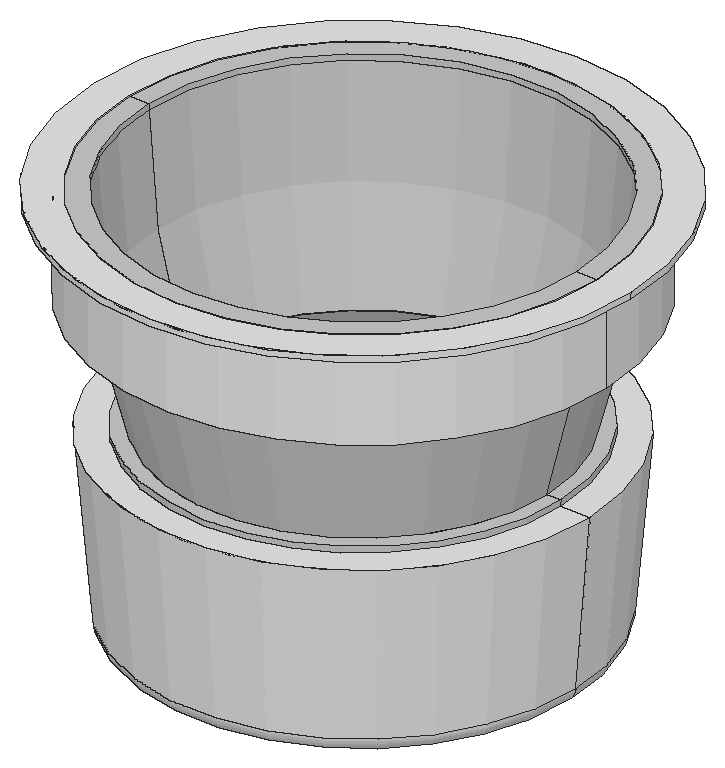
Revit family "2059365 Lighting Fixture_Sylvania_Ascent 150 II Round_Ceiling Recessed", category Lighting Fixtures, host Face, Revit 2017
Family settings
  Host = Face
  Round Connector Dimension = Use Diameter
  Part Type = Normal
  OmniClass Number = 23.80.70.11.17
  OmniClass Title = Specialized Lighting by Location or Use
  Cut with Voids When Loaded = No
  Light Source = Yes
  Shared = No
  Room Calculation Point = No
Parameters (values of type "ASCENT 150 II 3200 3K DALI")
  Upper Body Radius = Radius - 14.5 mm  # 80.0 mm
  Upper Body Material = Metal_Sylvania_Ascent 150 II_Black
  Ring Outer Diameter = Diameter - 17.0 mm  # 172.0 mm
  Ring Inner Diameter = Ring Outer Diameter - 4.0 mm  # 168.0 mm
  Reflector Material = Metal_Sylvania_Ascent 150 II_Polished
  Recessed Depth = 142.0 mm
  Radius = Diameter / 2  # 94.5 mm
  Light Emit  Diameter = Diameter - 38.0 mm  # 151.0 mm
  LOR = "100%"  # constant formula
  Inrush Current (max. quantity per 16A C breaker) = "80"  # constant formula
  Inner Reflector Radius = Inner Radius - 19.5 mm  # 63.0 mm
  Inner Radius = Inner Diameter / 2  # 82.5 mm
  Inner Diameter = Diameter - 24.0 mm  # 165.0 mm
  IP Rating = "IP44"  # constant formula
  IK Rating = "IK02"  # constant formula
  Glow Wire Test = 650 °C  # constant formula
  Energy Class = "A++,A+,A"  # constant formula
  Weight = 1.7 kg
  Wattage = 26.4228 W
  built-in parameter 1150110 = 1 (stored number, unit not read)
  Voltage Comments = "UNV (Universal Voltage; 220-240 Volt)"  # constant formula
  Voltage = 230 V  # constant formula
  URL = "https://www.sylvania-lighting.com"
  built-in parameter 1114217 = 1 (stored number, unit not read)
  Tilt Angle = -90°
  built-in parameter 1150109 = 1 (stored number, unit not read)
  built-in parameter 1150134 = (empty or 0)
  built-in parameter 1150113 = 1 (stored number, unit not read)
  Product Page URL = "https://www.sylvania-lighting.com/product/en-int/products/2059365"
  Product Family = "ASCENT 150 II ROUND"  # constant formula
  Photometry Comments = ""
  Photometric Web File = "2059365_ASCENT150II32003KDALI-206460.ies"
  Life = "50 000 h"  # constant formula
  Emit from Circle Diameter = Light Emit  Diameter  # 151.0 mm
  Emit Shape Visible in Rendering = no
  Emergency duration (h) = "N/A"
  Electrical Protection = "Class II"  # constant formula
  Drive Current = "1000mA"  # constant formula
  Distribution type = "Direct"  # constant formula
  Diffuser Material = Glass_Sylvania_Ascent 150 II_Clear_3000K
  Diameter = 189.0 mm
  Cutout Diameter = Diameter - 13.0 mm  # 176.0 mm
  Colour consistency (SDCM) = "3 step"  # constant formula
  built-in parameter 1114216 [instance] = 1 (stored number, unit not read)
  Model = "ASCENT 150 II 3200 3K DALI"
  Manufacturer = "Feilo Sylvania"
  built-in parameter 1150105 = 1988.9 (stored number, unit not read)
  Lumens = 3250 lm
  built-in parameter 1150115 = 1 (stored number, unit not read)
  built-in parameter 1150137 = (empty or 0)
  built-in parameter 1150139 = (empty or 0)
  built-in parameter 1150112 = 1 (stored number, unit not read)
  built-in parameter 1150114 = 1 (stored number, unit not read)
  Lamp Comments = "Integrated LED"  # constant formula
  Lamp = "LED"  # constant formula
  built-in parameter 1150132 = 2
  built-in parameter 1150102 = (empty or 0)
  built-in parameter 1150107 = 3000 (stored number, unit not read)
  built-in parameter 1150138 = (empty or 0)
  built-in parameter 1150106 = 19.889 (stored number, unit not read)
  built-in parameter 1150104 = 11.427 (stored number, unit not read)
  Dimming Lamp Color Temperature Shift = <None>
  Description = "A very high efficient round downlight up to 127lm/W Long life >50,000hrs 4,000K and 3,000K CCT and CRI Ra85 IP44 rated for wet areas and bathrooms UGR <19 version for offices to comply with EN12464-1 Wide selection of decorative accessories"  # constant formula
  Default Elevation = 0.0 mm
  Color Filter = 16777215
  Catalog Number = "2059365 ASCENT 150 II 3200 3K DALI"
  built-in parameter 1140040 [instance] = 1
  CRI (Ra) = ">80"  # constant formula
  built-in parameter 1114218 = 1 (stored number, unit not read)
  built-in parameter 1150133 = 10 (stored number, unit not read)
  Assembly Code = "D5020200"
  Apparent Load Comments = ""
  Apparent Load = 28 VA
  Accessory Material = Aluminum_Sylvania_Ascent 150 II_White
Reference planes
  plane 1 "Center (Front/Back)": y = 0
  plane 2: z = 0
  plane 3 "Center (Left/Right)": x = 0
  plane 4: z = 2
  plane 5: z = -74
  plane 6 "Fixture Top": z = -140
  plane 7: z = -31
  plane 8: z = -72
  plane 9: z = -62.037
Forms (mm)
  Extrusion 1, solid, material "Aluminum_Sylvania_Ascent 150 II_White" <- "Accessory Material", detail levels fine
    sketch origin (0, 0, 0) x (1, 0, 0) y (0, 1, 0)
      loop
        circle (0, 0) r 94.5
      loop
        circle (0, 0) r 82.5
    from 0 to 2
  Extrusion 2, void
    sketch origin (0, 0, 0) x (1, 0, 0) y (0, 1, 0)
      loop
        circle (0, 0) r 88
    from -140 to 2
  Revolve 3, solid, material "Metal_Sylvania_Ascent 150 II_Polished" <- "Reflector Material", detail levels fine
    sketch origin (0, 0, 0) x (1, 0, 0) y (0, 0, 1)
      loop
        line (-82.5, 0) -> (-77.5, 0)
        arc (-77.5, 0) -> (-74.352, -36.539) -> (-65, -72) r 213.61
        line (-65, -72) -> (-70, -72) -> (-70, -74) -> (0, -74) -> (0, -72) -> (-63, -72)
        arc (-63, -72) -> (-72.352, -36.539) -> (-75.5, 0) r 213.61
        line (-75.5, 0) -> (-75.5, 2) -> (-82.5, 2) -> (-82.5, 0)
      axis (0, 2) -> (0, -74)
    angle from 0 to 360
  Extrusion 4, solid, material "Aluminum_Sylvania_Ascent 150 II_White" <- "Accessory Material", detail levels fine
    sketch origin (0, 0, 0) x (1, 0, 0) y (0, 1, 0)
      loop
        circle (0, 0) r 86
      loop
        circle (0, 0) r 84
    from -31 to 0
  Revolve 5, solid, material "Glass_Sylvania_Ascent 150 II_Clear_3000K" <- "Diffuser Material", detail levels fine
    sketch origin (0, 0, 0) x (1, 0, 0) y (0, 0, 1)
      loop
        line (-63, -72) -> (0, -72) -> (0, -62.037)
        arc (0, -62.037) -> (-31.891, -64.543) -> (-63, -72) r 204.163
      axis (0, -62.037) -> (0, -72)
    angle from 0 to 360
  Revolve 6, solid, material "Metal_Sylvania_Ascent 150 II_Black" <- "Upper Body Material", detail levels fine
    sketch origin (0, 0, 0) x (1, 0, 0) y (0, 0, 1)
      loop
        line (0, -74) -> (-80, -74) -> (-75.107, -129.929)
        arc (-75.107, -129.929) -> (-73.452, -133.536) -> (-69.924, -135.353) r 6.079
        arc (-69.924, -135.353) -> (-35.039, -138.837) -> (0, -140) r 528.435
        line (0, -140) -> (0, -74)
      axis (0, -74) -> (0, -140)
    angle from 0 to 360
  Revolve 7, solid, material "Aluminum_Sylvania_Ascent 150 II_White" <- "Accessory Material", detail levels coarse+medium
    sketch origin (0, 0, 0) x (1, 0, 0) y (0, 0, 1)
      loop
        arc (-69.924, -135.353) -> (-35.039, -138.837) -> (0, -140) r 528.435
        line (0, -140) -> (0, 2) -> (-94.5, 2) -> (-94.5, 0) -> (-86, 0) -> (-86, -31)
        arc (-86, -31) -> (-84.493, -52.708) -> (-80, -74) r 157.083
        line (-80, -74) -> (-75.107, -129.929)
        arc (-75.107, -129.929) -> (-73.452, -133.536) -> (-69.924, -135.353) r 6.079
      axis (0, 2) -> (0, -140)
    angle from 0 to 360
Cuts and joins
  joined: Extrusion 1, Extrusion 4
Lines and regions (mm)
  Masking region 1
    outline origin (0, 0, 0) x (1, 0, 0) y (0, 1, 0)
      loop
        circle (0, 0) r 94.5
  symbolic lines, detail levels fine
    curve 1: arc (-75.5, 0, 0) -> (0, 75.5, 0) -> (75.5, 0, 0) r 75.5
    curve 2: arc (75.5, 0, 0) -> (0, -75.5, 0) -> (-75.5, 0, 0) r 75.5
Dimensions and locks
  plane 4 to plane 2 to plane 7 to plane 9 to plane 8 to plane 5 = 2.0 mm locked, 31.0 mm locked, 31.037 mm locked, 9.963 mm locked, 2.0 mm locked
  "Inner Radius": plane 3 "Center (Left/Right)" to Revolve 3 sketch curve
  locked: Revolve 3 sketch curve to Revolve 3 sketch curve at 7
  Revolve 3 sketch curve to Revolve 3 sketch curve to Revolve 3 sketch curve to Revolve 3 sketch curve = 2.0 mm locked, 5.0 mm locked, 12.5 mm locked
  "Inner Reflector Radius": Revolve 5 sketch curve to imposter light
  Revolve 6 sketch curve to Revolve 6 sketch curve to plane 6 "Fixture Top" = 5.424 mm locked, 4.647 mm locked
  "Recessed Depth": plane 4 to plane 6 "Fixture Top"
  "Upper Body Radius": plane 3 "Center (Left/Right)" to Revolve 6 sketch curve
  Revolve 6 sketch curve to Revolve 6 sketch curve to Revolve 6 sketch curve = 4.893 mm locked, 5.183 mm locked
  Revolve 7 sketch curve to Revolve 7 sketch curve to plane 6 "Fixture Top" = 5.424 mm locked, 4.647 mm locked
  Revolve 7 sketch curve to Revolve 7 sketch curve to Revolve 7 sketch curve to Revolve 7 sketch curve to Revolve 7 sketch curve = 8.5 mm locked, 6.0 mm locked, 4.893 mm locked, 5.183 mm locked
  "Radius": plane 3 "Center (Left/Right)" to Revolve 7 sketch curve
  "Diameter": diameter of Extrusion 1 sketch curve
  "Inner Diameter": diameter of Extrusion 1 sketch curve
  "Cutout Diameter": diameter of Extrusion 2 sketch curve
  "Ring Outer Diameter": diameter of Extrusion 4 sketch curve
  "Ring Inner Diameter": diameter of Extrusion 4 sketch curve
  aligned and locked: plane 2 to host face
  aligned and locked: level to host face
  aligned and locked: imposter light to plane 3 "Center (Left/Right)"
  aligned and locked: imposter light to plane 1 "Center (Front/Back)"
  aligned and locked: Extrusion 1 to plane 2
  aligned and locked: plane 4 to Extrusion 1
  aligned and locked: imposter light to plane 4
  aligned and locked: imposter light to Revolve 3 sketch curve
  aligned and locked: Revolve 3 sketch curve to imposter light
  aligned and locked: Revolve 3 sketch curve to plane 2
  aligned and locked: Revolve 3 sketch curve to Revolve 3 sketch curve
  aligned and locked: plane 5 to Revolve 3 sketch curve
  aligned and locked: Extrusion 4 to plane 7
  aligned and locked: Revolve 3 sketch curve to plane 8
  aligned and locked: Revolve 5 sketch curve to plane 8
  aligned and locked: imposter light to Revolve 5 sketch curve  (x2)
  aligned and locked: imposter light to Revolve 6 sketch curve  (x2)
  aligned and locked: plane 5 to Revolve 6 sketch curve
  aligned and locked: plane 6 "Fixture Top" to Revolve 6 sketch curve
  aligned and locked: Revolve 7 sketch curve to plane 2
  aligned and locked: plane 4 to Revolve 7 sketch curve
  aligned and locked: plane 7 to Revolve 7 sketch curve
  aligned and locked: imposter light to Extrusion 2
  aligned and locked: Extrusion 2 to plane 6 "Fixture Top"
  aligned and locked: Masking region 1 sketch curve to Revolve 7  (x2)
  aligned and locked: curve 1 to Revolve 3
  aligned and locked: curve 2 to Revolve 3
Automatic sketch dimensions
  host sketch curve to host sketch curve = 1040.406 mm
  host sketch curve to host sketch curve = 988.385 mm
  Extrusion 1 sketch curve to Extrusion 1 sketch curve = 0.0 mm  (x2)
  plane 1 "Center (Front/Back)" to Extrusion 1 sketch curve = 0.0 mm
  Extrusion 1 sketch curve to plane 3 "Center (Left/Right)" = 0.0 mm
  plane 1 "Center (Front/Back)" to Extrusion 2 sketch curve = 0.0 mm
  Extrusion 2 sketch curve to plane 3 "Center (Left/Right)" = 0.0 mm
  Revolve 3 sketch curve to plane 3 "Center (Left/Right)" = 0.0 mm
  Revolve 3 sketch curve to level = 0.0 mm
  Revolve 3 sketch curve to Revolve 3 sketch curve = 2.0 mm
  Revolve 3 sketch curve to plane 5 = 27.065 mm
  plane 4 to Revolve 3 sketch curve = 16.525 mm
  Extrusion 4 sketch curve to Extrusion 4 sketch curve = 0.0 mm  (x2)
  plane 1 "Center (Front/Back)" to Extrusion 4 sketch curve = 0.0 mm
  Extrusion 4 sketch curve to plane 3 "Center (Left/Right)" = 0.0 mm
  Revolve 5 sketch curve to plane 9 = 0.0 mm
  Revolve 5 sketch curve to plane 5 = 17.158 mm
  Revolve 5 sketch curve to plane 7 = 15.158 mm
  Revolve 6 sketch curve to plane 7 = 0.0 mm
  Revolve 6 sketch curve to Revolve 6 sketch curve = 6.05 mm
  Revolve 6 sketch curve to plane 6 "Fixture Top" = 26.0 mm
  Revolve 7 sketch curve to plane 3 "Center (Left/Right)" = 0.0 mm  (x2)
  Revolve 7 sketch curve to plane 6 "Fixture Top" = 0.0 mm
  Revolve 7 sketch curve to plane 5 = 0.0 mm
  Revolve 7 sketch curve to plane 7 = 0.0 mm
  Revolve 7 sketch curve to Revolve 7 sketch curve = 0.866 mm
  Revolve 7 sketch curve to Revolve 7 sketch curve = 26.0 mm
Connectors
  electrical at (0, 0, -140), driven by "Apparent Load", driven by "Voltage"
    settings: index 1, voltage 230 V, apparent load 0 VA, apparent load phase1 28 VA, apparent load phase2 0 VA, apparent load phase3 0 VA, power factor 1, load classification "Lighting", number of poles 1, system type 31, power factor state 1, is connector primary yes, connector utility no, sub classification motor no, connector description ""
